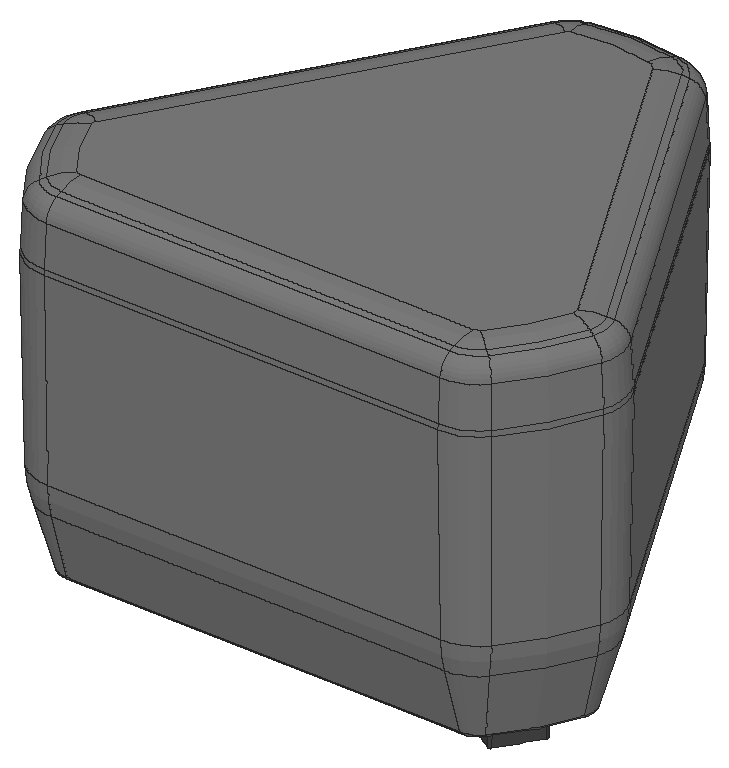
Revit family "Chair-Soft_Seating-Allermuir-Haven_Bench-HAB3WC60", category Furniture, Revit 2012
Parameters (values of type "HAB3WC60")
  ecoScorecard_data = "http://thesenatorgroup.ecoscorecard.com/product/HAB3WC60"
  ecoScorecard Product Page = "http://products.ecoscorecard.com/allermuir/HAB3WC60?action=html"
  Width = 1' - 9.7168"
  Weight = 15.0 lbf
  URL = "http://www.allermuir.net/Default.aspx"
  Subcategory = "Soft Seating"  # constant formula
  Specifications URL = ""
  Seat or Top = Fabric - Allermuir - Silcoates
  Product Page URL = "http://www.allermuir.net/Products.aspx?RangeId=495"
  Product Line = "Haven Bench"  # constant formula
  Pricing URL = ""
  Plugin Data URL = "http://products.ecoscorecard.com/thesenatorgroup/HAB3WC60"
  Model = "HAB3WC60"  # constant formula
  Manufacturer Phone - Toll Free = "(888) 887 5806"  # constant formula
  Manufacturer Phone = "(419) 887 5806"  # constant formula
  Manufacturer Fax = "(419) 887 5805"  # constant formula
  Manufacturer Email = "mailto:contact@allermuir-na.com"
  Manufacturer Address = "1630 Holland Road, Maumee, Ohio 43537 "  # constant formula
  Manufacturer = "Allermuir"  # constant formula
  LEED Stats URL = ""
  Height = 1' - 6.44476"
  Fabric Spec Sheets = "http://www.allermuir.net/Services/File.ashx?Type=B&Id=51"
  Description = ""
  Depth = 1' - 8.53955"
  Color Availability = "See price list for material options"  # constant formula
  CAD Blocks URL = ""
  Brochure URL = ""
  Base = Plastic - Allermuir - Black
  Assembly Code = "E2020200"
  95 CSI = "12510"  # constant formula
  04 CSI = "12 51 00"  # constant formula
Reference planes (in)
  plane 1 "Center Front/Back": y = 0
  plane 2: z = 0
  plane 3 "Center Left/Right": x = 0
  plane 4: x = 13.34061
  plane 5: x = -13.34061
  plane 6: y = -12.05047
  plane 7: y = 12.05047
Dimensions and locks (in)
  equal spacing: plane 6, plane 1 "Center Front/Back", plane 7
  aligned and locked: plane 3 "Center Left/Right" to nested 1
  aligned and locked: plane 6 to nested 1
Nested families (in)
  nested 1: "HAB3WC60" at (0, 0, 0), type "HAB3WC60"
Definition of nested family "HAB3WC60"
  Parameters (values of type "HAB3WC60")
    URL = "http://www.allermuir.net/Default.aspx"
    Seat = Fabric - Allermuir - Silcoates
    Model = "HAB3WC60"  # constant formula
    Manufacturer = "Allermuir"  # constant formula
    Leg = Plastic - Allermuir - Black
    Description = ""
    Assembly Code = "E2020200"
  Reference planes (in)
    plane 1 "Center Front/Back": y = 0
    plane 2: z = 0
    plane 3 "Center Left/Right": x = 0
    plane 4: x = 13.34061
    plane 5: x = -13.34061
    plane 6: y = -12.05047
    plane 7: y = 12.05047
  Forms (in)
    Sweep 1, solid, material "Fabric - Allermuir - Silcoates" <- "Seat"
      path origin (0, 0, 0) x (1, 0, 0) y (0, 1, 0)
        loop
          line (-3.80417, 10.82858) -> (-13.06136, -5.20536)
          arc (-13.06136, -5.20536) -> (-13.36352, -6.15694) -> (-13.23922, -7.14758) r 2.3277
          arc (-13.23922, -7.14758) -> (-12.32181, -9.14427) -> (-11.06272, -10.94513) r 12.26038
          arc (-11.06272, -10.94513) -> (-10.25475, -11.56341) -> (-9.26137, -11.78318) r 2.35498
          line (-9.26137, -11.78318) -> (9.26137, -11.78318)
          arc (9.26137, -11.78318) -> (10.25475, -11.56341) -> (11.06272, -10.94513) r 2.35498
          arc (11.06272, -10.94513) -> (12.32181, -9.14427) -> (13.23922, -7.14758) r 12.26038
          arc (13.23922, -7.14758) -> (13.36352, -6.15694) -> (13.06136, -5.20536) r 2.3277
          line (13.06136, -5.20536) -> (3.90447, 10.65484)
          arc (3.90447, 10.65484) -> (3.12812, 11.50352) -> (2.06658, 11.94636) r 2.66722
          arc (2.06658, 11.94636) -> (-0.11298, 12.13193) -> (-2.28927, 11.91139) r 11.78217
          arc (-2.28927, 11.91139) -> (-3.16399, 11.53405) -> (-3.80417, 10.82858) r 2.25
      profile origin (-8.43277, 2.81161, 0) x (0.866025, -0.5, 0) y (0, 0, 1)
        loop
          arc (0.09231, 5.69348) -> (0.16085, 4.97509) -> (0.3397, 4.27595) r 4.65068
          arc (0.3397, 4.27595) -> (0.81076, 2.79883) -> (1.22417, 1.30455) r 39.9622
          arc (1.22417, 1.30455) -> (1.2614, 1.24487) -> (1.32624, 1.2176) r 0.11625
          arc (1.32624, 1.2176) -> (1.67467, 1.18993) -> (2.02365, 1.17036) r 15.06876
          line (2.02365, 1.17036) -> (2.02365, 17.93643)
          arc (2.02365, 17.93643) -> (1.46596, 17.88663) -> (0.9259, 17.73882) r 3.14798
          arc (0.9259, 17.73882) -> (0.7819, 17.68283) -> (0.6396, 17.62264) r 5.27171
          arc (0.6396, 17.62264) -> (0.22009, 17.27616) -> (0.04408, 16.76132) r 1
          line (0.04408, 16.76132) -> (-0.05858, 14.85842)
          arc (-0.05858, 14.85842) -> (-0.06317, 14.73116) -> (-0.06322, 14.60382) r 3.5697
          line (-0.06322, 14.60382) -> (0.09231, 5.69348)
    Extrusion 2, solid, material "Fabric - Allermuir - Silcoates" <- "Seat"
      sketch origin (-2.05163, 9.81675, 17.93643) x (-0.5, -0.866025, 0) y (0.866025, -0.5, 0)
        loop
          arc (18.51439, 0) -> (18.64177, 0.02797) -> (18.74572, 0.10673) r 0.30405
          arc (18.74572, 0.10673) -> (19.80649, 1.60365) -> (20.58303, 3.26588) r 10.23673
          arc (20.58303, 3.26588) -> (20.60152, 3.40782) -> (20.55842, 3.54432) r 0.33132
          line (20.55842, 3.54432) -> (11.29705, 19.58549)
          arc (11.29705, 19.58549) -> (11.20039, 19.69106) -> (11.06822, 19.74601) r 0.33132
          arc (11.06822, 19.74601) -> (9.24042, 19.90463) -> (7.41366, 19.73443) r 10.23673
          arc (7.41366, 19.73443) -> (7.29348, 19.68379) -> (7.20557, 19.58746) r 0.30405
          line (7.20557, 19.58746) -> (-1.95133, 3.72726)
          arc (-1.95133, 3.72726) -> (-2.035, 3.46265) -> (-1.99947, 3.1874) r 0.64357
          arc (-1.99947, 3.1874) -> (-1.22997, 1.5472) -> (-0.17053, 0.07751) r 9.75851
          arc (-0.17053, 0.07751) -> (-0.09366, 0.02029) -> (0, 0) r 0.22635
          line (0, 0) -> (18.51439, 0)
      from 0 to -16.76607
  Cuts and joins
    joined: Sweep 1, Extrusion 2
  Lines and regions (in)
    symbolic lines, style "Chair"
      curve 1: line (-13.12765, -5.18243, 0) -> (-3.88192, 10.83164, 0)
      curve 2: line (13.12765, -5.18243, 0) -> (3.96755, 10.68332, 0)
      curve 3: line (-9.29916, -11.84279, 0) -> (9.29916, -11.84279, 0)
      curve 4: arc (13.14802, -7.50589, 0) -> (12.25355, -9.38369, 0) -> (11.02718, -11.06363, 0) r 11.19634
      curve 5: arc (11.02718, -11.06363, 0) -> (10.24694, -11.63899, 0) -> (9.29916, -11.84279, 0) r 2.30579
      curve 6: arc (13.12765, -5.18243, 0) -> (13.33034, -5.64815, 0) -> (13.4234, -6.14746, 0) r 2.25
      curve 7: arc (13.4234, -6.14746, 0) -> (13.39001, -6.84782, 0) -> (13.14802, -7.50589, 0) r 2.30975
      curve 8: arc (-13.14802, -7.50589, 0) -> (-12.25355, -9.38369, 0) -> (-11.02718, -11.06363, 0) r 11.19634
      curve 9: arc (-11.02718, -11.06363, 0) -> (-10.24694, -11.63899, 0) -> (-9.29916, -11.84279, 0) r 2.30579
      curve 10: arc (-13.12765, -5.18243, 0) -> (-13.33034, -5.64815, 0) -> (-13.4234, -6.14746, 0) r 2.25
      curve 11: arc (-13.4234, -6.14746, 0) -> (-13.39001, -6.84782, 0) -> (-13.14802, -7.50589, 0) r 2.30975
      curve 12: arc (-2.22528, 11.99588, 0) -> (-0.09278, 12.19228, 0) -> (2.04182, 12.02028, 0) r 12.44824
      curve 13: arc (-3.88192, 10.83164, 0) -> (-3.18213, 11.59665, 0) -> (-2.22528, 11.99588, 0) r 2.40442
      curve 14: arc (2.04182, 12.02028, 0) -> (3.15429, 11.56729, 0) -> (3.96755, 10.68332, 0) r 2.75
  Dimensions and locks (in)
    equal spacing: plane 6, plane 1 "Center Front/Back", plane 7
  Automatic sketch dimensions
    plane 5 to Sweep 1 sketch curve = 0' - 0.1014"
    Sweep 1 sketch curve to Sweep 1 sketch curve = 0' - 0"  (x11)
    plane 5 to Sweep 1 sketch curve = 0' - 0.27925"
    plane 6 to Sweep 1 sketch curve = 0' - 1.10534"
    plane 5 to Sweep 1 sketch curve = 0' - 2.27789"
    plane 5 to Sweep 1 sketch curve = 0' - 2.2951"
    Sweep 1 sketch curve to Sweep 1 sketch curve = 0' - 1.80135"  (x2)
    plane 7 to Sweep 1 sketch curve = 0' - 1.22189"
    Sweep 1 sketch curve to plane 3 "Center Left/Right" = 0' - 3.80417"
    plane 7 to Sweep 1 sketch curve = 0' - 0.13908"
    Sweep 1 sketch curve to Sweep 1 sketch curve = 0' - 1.51489"
    Sweep 1 sketch curve to plane 3 "Center Left/Right" = 0' - 1.85561"
    Sweep 1 sketch curve to plane 3 "Center Left/Right" = 0' - 1.68463"
    Sweep 1 sketch curve to plane 3 "Center Left/Right" = 0' - 0.01839"
    plane 3 "Center Left/Right" to Sweep 1 sketch curve = 0' - 1.59459"
    plane 3 "Center Left/Right" to Sweep 1 sketch curve = 0' - 1.68463"
    plane 7 to Sweep 1 sketch curve = 0' - 0.1041"
    plane 7 to Sweep 1 sketch curve = 0' - 1.39562"
    plane 4 to Sweep 1 sketch curve = 0' - 4.07924"
    plane 4 to Sweep 1 sketch curve = 0' - 2.2951"
    plane 4 to Sweep 1 sketch curve = 0' - 0.27925"
    plane 4 to Sweep 1 sketch curve = 0' - 0.1014"
    plane 1 "Center Front/Back" to Sweep 1 sketch curve = 0' - 11.78318"
    Sweep 1 sketch curve to Sweep 1 sketch curve = 0' - 0.83805"
    Sweep 1 sketch curve to level = 0' - 8.60194"
    profile plane to Sweep 1 sketch curve = 3' - 1.49068"
    profile plane to Sweep 1 sketch curve = 0' - 0.06322"
    profile plane to Sweep 1 sketch curve = 0' - 0 15/256"
    Sweep 1 sketch curve to profile plane = 0' - 0.04408"
    Sweep 1 sketch curve to profile plane = 0' - 0.09231"
    Sweep 1 sketch curve to profile plane = 0' - 0.3397"
    Sweep 1 sketch curve to profile plane = 0' - 0.6396"
    Sweep 1 sketch curve to Sweep 1 sketch curve = 0' - 0.2863"
    Sweep 1 sketch curve to Sweep 1 sketch curve = 0' - 0.40302"
    Sweep 1 sketch curve to profile plane = 0' - 1.22417"
    Sweep 1 sketch curve to Sweep 1 sketch curve = 0' - 0.10207"
    Sweep 1 sketch curve to Sweep 1 sketch curve = 0' - 0.11262"
    Sweep 1 sketch curve to Sweep 1 sketch curve = 0' - 0.69741"
    Sweep 1 sketch curve to Sweep 1 sketch curve = 0' - 0.66941"
    Sweep 1 sketch curve to Sweep 1 sketch curve = 0' - 0.74058"
    Sweep 1 sketch curve to Sweep 1 sketch curve = 0' - 1.48228"
    level to Sweep 1 sketch curve = 0' - 1.17036"
    Sweep 1 sketch curve to Sweep 1 sketch curve = 0' - 1.62042"
    Sweep 1 sketch curve to Sweep 1 sketch curve = 0' - 1.55812"
    Sweep 1 sketch curve to Sweep 1 sketch curve = 0' - 0.12233"
    Sweep 1 sketch curve to Sweep 1 sketch curve = 0' - 1.71219"
    Sweep 1 sketch curve to Sweep 1 sketch curve = 0' - 4.40258"
    Extrusion 2 sketch curve to plane 3 "Center Left/Right" = 0' - 2.05163"
    plane 7 to Extrusion 2 sketch curve = 0' - 2.23371"
    Extrusion 2 sketch curve to Extrusion 2 sketch curve = 1' - 6.51439"
    Extrusion 2 sketch curve to Extrusion 2 sketch curve = 0' - 0.23132"
    Extrusion 2 sketch curve to Extrusion 2 sketch curve = 0' - 0.10673"
    Extrusion 2 sketch curve to Extrusion 2 sketch curve = 0' - 7.5569"
    Extrusion 2 sketch curve to Extrusion 2 sketch curve = 0' - 0"  (x6)
    Extrusion 2 sketch curve to Extrusion 2 sketch curve = 0' - 2.06863"
    Extrusion 2 sketch curve to Extrusion 2 sketch curve = 0' - 0.31154"
    Extrusion 2 sketch curve to Extrusion 2 sketch curve = 0' - 0.02461"
    Extrusion 2 sketch curve to Extrusion 2 sketch curve = 0' - 0.33955"
    Extrusion 2 sketch curve to Extrusion 2 sketch curve = 1' - 0.8354"
    Extrusion 2 sketch curve to Extrusion 2 sketch curve = 0' - 0.28693"
    Extrusion 2 sketch curve to Extrusion 2 sketch curve = 0' - 0.22883"
    Extrusion 2 sketch curve to Extrusion 2 sketch curve = 0' - 0.16566"
    Extrusion 2 sketch curve to Extrusion 2 sketch curve = 0' - 3.59645"
    Extrusion 2 sketch curve to Extrusion 2 sketch curve = 0' - 1.68463"
    Extrusion 2 sketch curve to Extrusion 2 sketch curve = 0' - 0.20809"
    Extrusion 2 sketch curve to Extrusion 2 sketch curve = 0' - 0.05522"
    Extrusion 2 sketch curve to Extrusion 2 sketch curve = 0' - 1.95133"
    Extrusion 2 sketch curve to Extrusion 2 sketch curve = 0' - 3.72726"
    Extrusion 2 sketch curve to Extrusion 2 sketch curve = 0' - 0.17053"
    Extrusion 2 sketch curve to Extrusion 2 sketch curve = 0' - 0.07751"
    Extrusion 2 sketch curve to Extrusion 2 sketch curve = 0' - 0.04815"
    Extrusion 2 sketch curve to Extrusion 2 sketch curve = 0' - 3.77579"
    curve 11 to plane 5 = 0' - 0.08279"
    plane 5 to curve 11 = 0' - 0.1926"
    plane 5 to curve 10 = 0' - 0.21296"
    plane 5 to curve 10 = 0' - 2.16152"
    curve 10 to curve 11 = 0' - 0.05279"
    plane 6 to curve 8 = 0' - 0.98683"
    plane 5 to curve 8 = 0' - 2.31343"
    curve 9 to curve 8 = 0' - 0"
    plane 6 to curve 3 = 0' - 0.20768"
    curve 8 to curve 3 = 0' - 1.72802"
    plane 7 to curve 13 = 0' - 1.21882"
    curve 13 to plane 3 "Center Left/Right" = 0' - 3.88192"
    curve 8 to plane 3 "Center Left/Right" = 0' - 2.63634"
    plane 7 to curve 12 = 0' - 0.05459"
    curve 13 to curve 12 = 0' - 1.65664"
    curve 13 to curve 12 = 0' - 0"
    curve 13 to plane 3 "Center Left/Right" = 0' - 1.79963"
    curve 12 to plane 3 "Center Left/Right" = 0' - 0.02159"
    plane 3 "Center Left/Right" to curve 14 = 0' - 1.58598"
    plane 7 to curve 14 = 0' - 0.03019"
    plane 3 "Center Left/Right" to curve 14 = 0' - 2.04182"
    plane 3 "Center Left/Right" to curve 4 = 0' - 2.63634"
    plane 7 to curve 2 = 0' - 1.36714"
    plane 4 to curve 5 = 0' - 4.04146"
    curve 3 to curve 4 = 0' - 1.72802"
    curve 5 to curve 4 = 0' - 0"
    plane 4 to curve 7 = 0' - 2.21431"
    curve 7 to curve 6 = 0' - 0.05279"
    plane 4 to curve 2 = 0' - 0.21296"
    plane 4 to curve 4 = 0' - 0.1926"
    curve 6 to plane 4 = 0' - 0.08279"
    curve 3 to curve 4 = 0' - 0.77916"
    curve 7 to curve 7 = 0' - 1.11697"
    curve 11 to curve 11 = 0' - 1.11697"
    curve 7 to curve 6 = 0' - 0.08148"
    curve 11 to curve 10 = 0' - 0.08148"
  Nested families (in)
    nested 1: "Leg" at (-9.17477, -7.19877, 0) x (-0.5352, 0.8447, 0) z (0, 0, 1), type "PSM102"
    nested 2: "Leg" at (0, 8.45807, 0) x (-1, 0, 0) z (0, 0, 1), type "PSM102"
    nested 3: "Leg" at (9.04977, -7.44877, 0) x (0.5352, 0.8447, 0) z (0, 0, 1), type "PSM102"
  Definition of nested family "Leg"
    Parameters (values of type "Leg")
      URL = ""
      Stacks = no
      Model = ""
      Manufacturer = ""
      Leg = none
      Description = ""
      Assembly Code = ""
    Reference planes (in)
      plane 1 "Center Front/Back": y = 0
      plane 2: z = 0
      plane 3 "Center Left/Right": x = 0
      plane 4: z = 1.1811
      plane 5: through (1.68179, 60.03512, 48) normal (1, -0.0075, 0)
      plane 6: through (-60.04651, 1.66009, 48) normal (0.0075, 1, 0)
      plane 7: through (-0.75471, 60.03512, 48) normal (1, -0.0075, 0)
      plane 8: through (-60.04651, -0.77642, 48) normal (0.0075, 1, 0)
    Forms (in)
      Blend 1, solid, material <- "Leg"
        base sketch origin (0, 0, 0) x (1, 0, 0) y (0, 1, 0)
          loop
            arc (-1.05046, 1.17679) -> (-1.12804, 1.14534) -> (-1.16066, 1.06825) r 0.10938
            line (-1.16066, 1.06825) -> (-1.17679, -1.07224)
            arc (-1.17679, -1.07224) -> (-1.14534, -1.14982) -> (-1.06824, -1.18244) r 0.10938
            line (-1.06824, -1.18244) -> (1.07224, -1.19857)
            arc (1.07224, -1.19857) -> (1.14982, -1.16712) -> (1.18244, -1.09003) r 0.10938
            line (1.18244, -1.09003) -> (1.19857, 1.05046)
            arc (1.19857, 1.05046) -> (1.16712, 1.12804) -> (1.09003, 1.16066) r 0.10938
            line (1.09003, 1.16066) -> (-1.05046, 1.17679)
        top sketch origin (0, 0, 0) x (1, 0, 0) y (0, 1, 0)
          loop
            arc (1.23744, 1.08874) -> (1.20599, 1.16632) -> (1.12889, 1.19894) r 0.10938
            line (1.12889, 1.19894) -> (-1.08874, 1.21566)
            arc (-1.08874, 1.21566) -> (-1.16632, 1.18421) -> (-1.19894, 1.10711) r 0.10938
            line (-1.19894, 1.10711) -> (-1.21566, -1.11052)
            arc (-1.21566, -1.11052) -> (-1.1842, -1.1881) -> (-1.10711, -1.22072) r 0.10938
            line (-1.10711, -1.22072) -> (1.11052, -1.23744)
            arc (1.11052, -1.23744) -> (1.1881, -1.20599) -> (1.22072, -1.12889) r 0.10938
            line (1.22072, -1.12889) -> (1.23744, 1.08874)
        from 0 to 1.1811
    Dimensions and locks (in)
      locked: plane 7 to plane 5 at 2.43644
      locked: plane 6 to plane 8 at 2.43645
      locked: plane 4 to level at 1.1811
